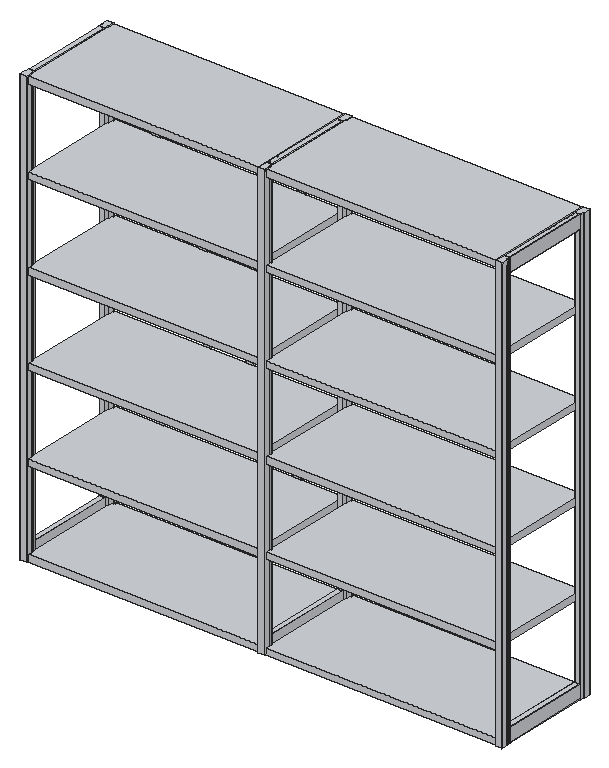
Revit family "Economy_Static_Shelving", category Furniture, Revit 2016
Family settings
  OmniClass Number = 23.40.20.00
  OmniClass Title = General Furniture and Specialties
  Work Plane-Based = No
  Always vertical = Yes
  Cut with Voids When Loaded = No
  Shared = No
  Room Calculation Point = No
Parameters (values of type "1018ESSTK46 + 1018ESEXK46")
  Width = 1032 mm
  Shelving spacing = 332.8 mm
  Model = "Economy Shelving"
  Manufacturer = "BISLEY"
  Height = 1832 mm
  Extension width = 1000 mm
  Extension = yes
  Depth = 460 mm
Types (33, lengths in mm): name | Width | Shelving spacing | Height | Extension width | Extension | Depth
  (no name) | 1032 | 332.8 | 1832 | 1000 | yes | 460
  0818ESSTK30 | 832 | 332.8 | 1832 | 800 | no | 300
  0818ESSTK30 + 0818ESEXK30 | 832 | 332.8 | 1832 | 800 | yes | 300
  0822ESSTK30 | 832 | 404.8 | 2192 | 800 | no | 300
  0822ESSTK30 + 0822ESEXK30 | 832 | 404.8 | 2192 | 800 | yes | 300
  0818ESSTK36 | 832 | 332.8 | 1832 | 800 | no | 360
  0818ESSTK36 + 0818ESEXK36 | 832 | 332.8 | 1832 | 800 | yes | 360
  0822ESSTK36 | 832 | 404.8 | 2192 | 800 | no | 360
  0822ESSTK36 + 0822ESEXK36 | 832 | 404.8 | 2192 | 800 | yes | 360
  0818ESSTK40 | 832 | 332.8 | 1832 | 800 | no | 400
  0818ESSTK40 + 0818ESEXK40 | 832 | 332.8 | 1832 | 800 | yes | 400
  0822ESSTK40 | 832 | 404.8 | 2192 | 800 | no | 400
  0822ESSTK40 + 0822ESEXK40 | 832 | 404.8 | 2192 | 800 | yes | 400
  0818ESSTK46 | 832 | 332.8 | 1832 | 800 | no | 460
  0818ESSTK46 + 0818ESEXK46 | 832 | 332.8 | 1832 | 800 | yes | 460
  0822ESSTK46 | 832 | 404.8 | 2192 | 800 | no | 460
  0822ESSTK46 + 0822ESEXK46 | 832 | 404.8 | 2192 | 800 | yes | 460
  1018ESSTK30 | 1032 | 332.8 | 1832 | 1000 | no | 300
  1018ESSTK30 + 1018ESEXK30 | 1032 | 332.8 | 1832 | 1000 | yes | 300
  1022ESSTK30 | 1032 | 404.8 | 2192 | 1000 | no | 300
  1022ESSTK30 + 1022ESEXK30 | 1032 | 404.8 | 2192 | 1000 | yes | 300
  1018ESSTK36 | 1032 | 332.8 | 1832 | 1000 | no | 360
  1018ESSTK36 + 1018ESEXK36 | 1032 | 332.8 | 1832 | 1000 | yes | 360
  1022ESSTK36 | 1032 | 404.8 | 2192 | 1000 | no | 360
  1022ESSTK36 + 1022ESEXK36 | 1032 | 404.8 | 2192 | 1000 | yes | 360
  1018ESSTK40 | 1032 | 332.8 | 1832 | 1000 | no | 400
  1018ESSTK40 + 1018ESEXK40 | 1032 | 332.8 | 1832 | 1000 | yes | 400
  1022ESSTK40 | 1032 | 404.8 | 2192 | 1000 | no | 400
  1022ESSTK40 + 1022ESEXK40 | 1032 | 404.8 | 2192 | 1000 | yes | 400
  1018ESSTK46 | 1032 | 332.8 | 1832 | 1000 | no | 460
  1018ESSTK46 + 1018ESEXK46 | 1032 | 332.8 | 1832 | 1000 | yes | 460
  1022ESSTK46 | 1032 | 404.8 | 2192 | 1000 | no | 460
  1022ESSTK46 + 1022ESEXK46 | 1032 | 404.8 | 2192 | 1000 | yes | 460
Reference planes
  plane 1 "Center (Front/Back)": y = 0
  plane 2: z = 0
  plane 3 "Center (Left/Right)": x = 0
  plane 4: x = -516
  plane 5: x = -486
  plane 6: x = 486
  plane 7: x = 516
  plane 8: y = 185
  plane 9: y = 230
  plane 10: y = -230
  plane 11: y = -185
  plane 12: x = 1486
  plane 13: x = 1516
  plane 14: z = 1832
  plane 15: y = -225
  plane 16: y = 225
  plane 17: z = 5
  plane 18: z = 65
  plane 19: z = 1827
  plane 20: z = 1767
Forms (mm)
  Extrusion 1, solid
    sketch origin (0, 0, 0) x (1, 0, 0) y (0, 1, 0)
      loop
        line (-510.2, 185) -> (-491.8, 185)
        arc (-491.8, 185) -> (-490.527, 185.527) -> (-490, 186.8) r 1.8
        line (-490, 186.8) -> (-490, 198.8)
        arc (-490, 198.8) -> (-489.649, 199.649) -> (-488.8, 200) r 1.2
        line (-488.8, 200) -> (-487.8, 200)
        arc (-487.8, 200) -> (-486.527, 200.527) -> (-486, 201.8) r 1.8
        line (-486, 201.8) -> (-486, 228.2)
        arc (-486, 228.2) -> (-486.527, 229.473) -> (-487.8, 230) r 1.8
        line (-487.8, 230) -> (-514.2, 230)
        arc (-514.2, 230) -> (-515.473, 229.473) -> (-516, 228.2) r 1.8
        line (-516, 228.2) -> (-516, 201.8)
        arc (-516, 201.8) -> (-515.473, 200.527) -> (-514.2, 200) r 1.8
        line (-514.2, 200) -> (-513.2, 200)
        arc (-513.2, 200) -> (-512.351, 199.649) -> (-512, 198.8) r 1.2
        line (-512, 198.8) -> (-512, 186.8)
        arc (-512, 186.8) -> (-511.473, 185.527) -> (-510.2, 185) r 1.8
    from 0 to 1832
  Extrusion 2, solid
    sketch origin (0, 0, 0) x (1, 0, 0) y (0, 1, 0)
      loop
        line (491.8, 185) -> (510.2, 185)
        arc (510.2, 185) -> (511.473, 185.527) -> (512, 186.8) r 1.8
        line (512, 186.8) -> (512, 198.8)
        arc (512, 198.8) -> (512.351, 199.649) -> (513.2, 200) r 1.2
        line (513.2, 200) -> (514.2, 200)
        arc (514.2, 200) -> (515.473, 200.527) -> (516, 201.8) r 1.8
        line (516, 201.8) -> (516, 228.2)
        arc (516, 228.2) -> (515.473, 229.473) -> (514.2, 230) r 1.8
        line (514.2, 230) -> (487.8, 230)
        arc (487.8, 230) -> (486.527, 229.473) -> (486, 228.2) r 1.8
        line (486, 228.2) -> (486, 201.8)
        arc (486, 201.8) -> (486.527, 200.527) -> (487.8, 200) r 1.8
        line (487.8, 200) -> (488.8, 200)
        arc (488.8, 200) -> (489.649, 199.649) -> (490, 198.8) r 1.2
        line (490, 198.8) -> (490, 186.8)
        arc (490, 186.8) -> (490.527, 185.527) -> (491.8, 185) r 1.8
    from 0 to 1832
  Extrusion 3, solid
    sketch origin (0, 0, 0) x (1, 0, 0) y (0, 1, 0)
      loop
        line (-514.2, -230) -> (-487.8, -230)
        arc (-487.8, -230) -> (-486.527, -229.473) -> (-486, -228.2) r 1.8
        line (-486, -228.2) -> (-486, -201.8)
        arc (-486, -201.8) -> (-486.527, -200.527) -> (-487.8, -200) r 1.8
        line (-487.8, -200) -> (-488.8, -200)
        arc (-488.8, -200) -> (-489.649, -199.649) -> (-490, -198.8) r 1.2
        line (-490, -198.8) -> (-490, -186.8)
        arc (-490, -186.8) -> (-490.527, -185.527) -> (-491.8, -185) r 1.8
        line (-491.8, -185) -> (-510.2, -185)
        arc (-510.2, -185) -> (-511.059, -185.218) -> (-511.709, -185.819) r 1.8
        arc (-511.709, -185.819) -> (-511.926, -186.288) -> (-512, -186.8) r 1.8
        line (-512, -186.8) -> (-512, -198.8)
        arc (-512, -198.8) -> (-512.351, -199.649) -> (-513.2, -200) r 1.2
        line (-513.2, -200) -> (-514.2, -200)
        arc (-514.2, -200) -> (-515.473, -200.527) -> (-516, -201.8) r 1.8
        line (-516, -201.8) -> (-516, -228.2)
        arc (-516, -228.2) -> (-515.473, -229.473) -> (-514.2, -230) r 1.8
    from 0 to 1832
  Extrusion 4, solid
    sketch origin (0, 0, 0) x (1, 0, 0) y (0, 1, 0)
      loop
        arc (491.8, -185) -> (490.527, -185.527) -> (490, -186.8) r 1.8
        line (490, -186.8) -> (490, -198.8)
        arc (490, -198.8) -> (489.649, -199.649) -> (488.8, -200) r 1.2
        line (488.8, -200) -> (487.8, -200)
        arc (487.8, -200) -> (486.527, -200.527) -> (486, -201.8) r 1.8
        line (486, -201.8) -> (486, -228.2)
        arc (486, -228.2) -> (486.527, -229.473) -> (487.8, -230) r 1.8
        line (487.8, -230) -> (514.2, -230)
        arc (514.2, -230) -> (515.473, -229.473) -> (516, -228.2) r 1.8
        line (516, -228.2) -> (516, -201.8)
        arc (516, -201.8) -> (515.473, -200.527) -> (514.2, -200) r 1.8
        line (514.2, -200) -> (513.2, -200)
        arc (513.2, -200) -> (512.351, -199.649) -> (512, -198.8) r 1.2
        line (512, -198.8) -> (512, -186.8)
        arc (512, -186.8) -> (511.473, -185.527) -> (510.2, -185) r 1.8
        line (510.2, -185) -> (491.8, -185)
    from 0 to 1832
  Extrusion 5, solid, visible <- "Extension"
    sketch origin (0, 0, 0) x (1, 0, 0) y (0, 1, 0)
      loop
        arc (1491.8, -185) -> (1490.527, -185.527) -> (1490, -186.8) r 1.8
        line (1490, -186.8) -> (1490, -198.8)
        arc (1490, -198.8) -> (1489.649, -199.649) -> (1488.8, -200) r 1.2
        line (1488.8, -200) -> (1487.8, -200)
        arc (1487.8, -200) -> (1486.527, -200.527) -> (1486, -201.8) r 1.8
        line (1486, -201.8) -> (1486, -228.2)
        arc (1486, -228.2) -> (1486.527, -229.473) -> (1487.8, -230) r 1.8
        line (1487.8, -230) -> (1514.2, -230)
        arc (1514.2, -230) -> (1515.473, -229.473) -> (1516, -228.2) r 1.8
        line (1516, -228.2) -> (1516, -201.8)
        arc (1516, -201.8) -> (1515.473, -200.527) -> (1514.2, -200) r 1.8
        line (1514.2, -200) -> (1513.2, -200)
        arc (1513.2, -200) -> (1512.351, -199.649) -> (1512, -198.8) r 1.2
        line (1512, -198.8) -> (1512, -186.8)
        arc (1512, -186.8) -> (1511.473, -185.527) -> (1510.2, -185) r 1.8
        line (1510.2, -185) -> (1491.8, -185)
    from 0 to 1832
  Extrusion 6, solid, visible <- "Extension"
    sketch origin (0, 0, 0) x (1, 0, 0) y (0, 1, 0)
      loop
        arc (1487.8, 230) -> (1486.527, 229.473) -> (1486, 228.2) r 1.8
        line (1486, 228.2) -> (1486, 201.8)
        arc (1486, 201.8) -> (1486.527, 200.527) -> (1487.8, 200) r 1.8
        line (1487.8, 200) -> (1488.8, 200)
        arc (1488.8, 200) -> (1489.649, 199.649) -> (1490, 198.8) r 1.2
        line (1490, 198.8) -> (1490, 186.8)
        arc (1490, 186.8) -> (1490.527, 185.527) -> (1491.8, 185) r 1.8
        line (1491.8, 185) -> (1510.2, 185)
        arc (1510.2, 185) -> (1511.473, 185.527) -> (1512, 186.8) r 1.8
        line (1512, 186.8) -> (1512, 198.8)
        arc (1512, 198.8) -> (1512.351, 199.649) -> (1513.2, 200) r 1.2
        line (1513.2, 200) -> (1514.2, 200)
        arc (1514.2, 200) -> (1515.473, 200.527) -> (1516, 201.8) r 1.8
        line (1516, 201.8) -> (1516, 228.2)
        arc (1516, 228.2) -> (1515.473, 229.473) -> (1514.2, 230) r 1.8
        line (1514.2, 230) -> (1487.8, 230)
    from 0 to 1832
  Extrusion 7, solid
    sketch origin (0, 0, 0) x (1, 0, 0) y (0, 0, 1)
      loop
        line (-510.2, 0) -> (-491.8, 0)
        arc (-491.8, 0) -> (-490.527, 0.527) -> (-490, 1.8) r 1.8
        line (-490, 1.8) -> (-490, 58.2)
        arc (-490, 58.2) -> (-490.527, 59.473) -> (-491.8, 60) r 1.8
        line (-491.8, 60) -> (-510.2, 60)
        arc (-510.2, 60) -> (-511.473, 59.473) -> (-512, 58.2) r 1.8
        line (-512, 58.2) -> (-512, 1.8)
        arc (-512, 1.8) -> (-511.473, 0.527) -> (-510.2, 0) r 1.8
    from -185 to 185
  Extrusion 8, solid
    sketch origin (0, 0, 0) x (1, 0, 0) y (0, 0, 1)
      loop
        line (491.8, 0) -> (510.2, 0)
        arc (510.2, 0) -> (511.473, 0.527) -> (512, 1.8) r 1.8
        line (512, 1.8) -> (512, 58.2)
        arc (512, 58.2) -> (511.473, 59.473) -> (510.2, 60) r 1.8
        line (510.2, 60) -> (491.8, 60)
        arc (491.8, 60) -> (490.527, 59.473) -> (490, 58.2) r 1.8
        line (490, 58.2) -> (490, 1.8)
        arc (490, 1.8) -> (490.527, 0.527) -> (491.8, 0) r 1.8
    from -185 to 185
  Extrusion 9, solid, visible <- "Extension"
    sketch origin (0, 0, 0) x (1, 0, 0) y (0, 0, 1)
      loop
        line (1491.8, 0) -> (1510.2, 0)
        arc (1510.2, 0) -> (1511.473, 0.527) -> (1512, 1.8) r 1.8
        line (1512, 1.8) -> (1512, 58.2)
        arc (1512, 58.2) -> (1511.473, 59.473) -> (1510.2, 60) r 1.8
        line (1510.2, 60) -> (1491.8, 60)
        arc (1491.8, 60) -> (1490.527, 59.473) -> (1490, 58.2) r 1.8
        line (1490, 58.2) -> (1490, 1.8)
        arc (1490, 1.8) -> (1490.527, 0.527) -> (1491.8, 0) r 1.8
    from -185 to 185
  Extrusion 10, solid
    sketch origin (0, 0, 0) x (1, 0, 0) y (0, 0, 1)
      loop
        arc (-510.2, 1832) -> (-511.473, 1831.473) -> (-512, 1830.2) r 1.8
        line (-512, 1830.2) -> (-512, 1773.8)
        arc (-512, 1773.8) -> (-511.473, 1772.527) -> (-510.2, 1772) r 1.8
        line (-510.2, 1772) -> (-491.8, 1772)
        arc (-491.8, 1772) -> (-490.527, 1772.527) -> (-490, 1773.8) r 1.8
        line (-490, 1773.8) -> (-490, 1830.2)
        arc (-490, 1830.2) -> (-490.527, 1831.473) -> (-491.8, 1832) r 1.8
        line (-491.8, 1832) -> (-510.2, 1832)
    from -185 to 185
  Extrusion 11, solid
    sketch origin (0, 0, 0) x (1, 0, 0) y (0, 0, 1)
      loop
        arc (491.8, 1832) -> (490.527, 1831.473) -> (490, 1830.2) r 1.8
        line (490, 1830.2) -> (490, 1773.8)
        arc (490, 1773.8) -> (490.527, 1772.527) -> (491.8, 1772) r 1.8
        line (491.8, 1772) -> (510.2, 1772)
        arc (510.2, 1772) -> (511.473, 1772.527) -> (512, 1773.8) r 1.8
        line (512, 1773.8) -> (512, 1830.2)
        arc (512, 1830.2) -> (511.473, 1831.473) -> (510.2, 1832) r 1.8
        line (510.2, 1832) -> (491.8, 1832)
    from -185 to 185
  Extrusion 12, solid, visible <- "Extension"
    sketch origin (0, 0, 0) x (1, 0, 0) y (0, 0, 1)
      loop
        arc (1491.8, 1832) -> (1490.527, 1831.473) -> (1490, 1830.2) r 1.8
        line (1490, 1830.2) -> (1490, 1773.8)
        arc (1490, 1773.8) -> (1490.527, 1772.527) -> (1491.8, 1772) r 1.8
        line (1491.8, 1772) -> (1510.2, 1772)
        arc (1510.2, 1772) -> (1511.473, 1772.527) -> (1512, 1773.8) r 1.8
        line (1512, 1773.8) -> (1512, 1830.2)
        arc (1512, 1830.2) -> (1511.473, 1831.473) -> (1510.2, 1832) r 1.8
        line (1510.2, 1832) -> (1491.8, 1832)
    from -185 to 185
  Extrusion 13, solid
    sketch origin (0, 0, 0) x (1, 0, 0) y (0, 1, 0)
      loop
        line (-486, 225) -> (-486, -225) -> (486, -225) -> (486, 225) -> (-486, 225)
    from 0 to 28
  Extrusion 14, solid, visible <- "Extension"
    sketch origin (0, 0, 0) x (1, 0, 0) y (0, 1, 0)
      loop
        line (516, 225) -> (516, -225) -> (1486, -225) -> (1486, 225) -> (516, 225)
    from 0 to 28
  Extrusion 15, solid
    sketch origin (0, 147.665, 0) x (1, 0, 0) y (0, 0, 1)
      loop
        line (-486, 1767) -> (486, 5) -> (486, 65) -> (-486, 1827) -> (-486, 1767)
    from -79.422 to -77.335
  Extrusion 16, solid
    sketch origin (0, 149.665, 0) x (1, 0, 0) y (0, 0, 1)
      loop
        line (486, 1767) -> (486, 1827) -> (-486, 65) -> (-486, 5) -> (486, 1767)
    from -79.418 to -77.422
  Extrusion 17, solid
    sketch origin (0, 0, 480) x (1, 0, 0) y (0, 1, 0)
      loop
        line (-486, 225) -> (-486, -225) -> (486, -225) -> (486, 225) -> (-486, 225)
    from -119.2 to -91.2
  Extrusion 18, solid, visible <- "Extension"
    sketch origin (0, 0, 480) x (1, 0, 0) y (0, 1, 0)
      loop
        line (516, 225) -> (516, -225) -> (1486, -225) -> (1486, 225) -> (516, 225)
    from -119.2 to -91.2
  Extrusion 19, solid
    sketch origin (0, 0, 680) x (1, 0, 0) y (0, 1, 0)
      loop
        line (-486, 225) -> (-486, -225) -> (486, -225) -> (486, 225) -> (-486, 225)
    from 41.6 to 69.6
  Extrusion 20, solid, visible <- "Extension"
    sketch origin (0, 0, 680) x (1, 0, 0) y (0, 1, 0)
      loop
        line (516, 225) -> (516, -225) -> (1486, -225) -> (1486, 225) -> (516, 225)
    from 41.6 to 69.6
  Extrusion 21, solid
    sketch origin (0, 0, 940) x (1, 0, 0) y (0, 1, 0)
      loop
        line (-486, 225) -> (-486, -225) -> (486, -225) -> (486, 225) -> (-486, 225)
    from 142.4 to 170.4
  Extrusion 22, solid, visible <- "Extension"
    sketch origin (0, 0, 940) x (1, 0, 0) y (0, 1, 0)
      loop
        line (516, 225) -> (516, -225) -> (1486, -225) -> (1486, 225) -> (516, 225)
    from 142.4 to 170.4
  Extrusion 23, solid
    sketch origin (0, 0, 1120) x (1, 0, 0) y (0, 1, 0)
      loop
        line (-486, 225) -> (-486, -225) -> (486, -225) -> (486, 225) -> (-486, 225)
    from 323.2 to 351.2
  Extrusion 24, solid, visible <- "Extension"
    sketch origin (0, 0, 1120) x (1, 0, 0) y (0, 1, 0)
      loop
        line (516, 225) -> (516, -225) -> (1486, -225) -> (1486, 225) -> (516, 225)
    from 323.2 to 351.2
  Extrusion 25, solid
    sketch origin (0, 0, 1540) x (1, 0, 0) y (0, 1, 0)
      loop
        line (-486, 225) -> (-486, -225) -> (486, -225) -> (486, 225) -> (-486, 225)
    from 264 to 292
  Extrusion 26, solid, visible <- "Extension"
    sketch origin (0, 0, 1671.2) x (1, 0, 0) y (0, 1, 0)
      loop
        line (516, 225) -> (516, -225) -> (1486, -225) -> (1486, 225) -> (516, 225)
    from 132.8 to 160.8
Dimensions and locks
  equal spacing: plane 5, plane 3 "Center (Left/Right)", plane 6
  locked: plane 4 to plane 5 at 30
  locked: plane 6 to plane 7 at 30
  locked: plane 11 to plane 10 at 45
  equal spacing: plane 8, plane 1 "Center (Front/Back)", plane 11
  locked: plane 9 to plane 8 at 45
  "Width": plane 4 to plane 7
  "Depth": plane 9 to plane 10
  locked: plane 12 to plane 13 at 30
  "Extension width": plane 7 to plane 13
  "Height": plane 14 to level
  locked: plane 9 to plane 16 at 5
  locked: plane 15 to plane 10 at 5
  locked: plane 19 to plane 14 at 5
  locked: plane 17 to plane 18 at 60
  locked: plane 20 to plane 19 at 60
  locked: Extrusion 13 to Extrusion 13 at 28
  locked: Extrusion 14 to Extrusion 14 at 28
  locked: Extrusion 15 to Extrusion 15 at 2.087
  locked: Extrusion 16 to Extrusion 15 at 1.996
  locked: Extrusion 17 to Extrusion 17 at 28
  locked: Extrusion 18 to Extrusion 18 at 28
  locked: Extrusion 19 to Extrusion 19 at 28
  locked: Extrusion 20 to Extrusion 20 at 28
  locked: Extrusion 21 to Extrusion 21 at 28
  locked: Extrusion 22 to Extrusion 22 at 28
  locked: Extrusion 23 to Extrusion 23 at 28
  locked: Extrusion 24 to Extrusion 24 at 28
  locked: Extrusion 25 to Extrusion 25 at 28
  locked: Extrusion 26 to Extrusion 26 at 28
  "Shelving spacing": Extrusion 17 to Extrusion 13
  "Shelving spacing": Extrusion 18 to Extrusion 14
  "Shelving spacing": Extrusion 20 to Extrusion 18
  "Shelving spacing": Extrusion 22 to Extrusion 20
  "Shelving spacing": Extrusion 24 to Extrusion 22
  "Shelving spacing": Extrusion 26 to Extrusion 24
  "Shelving spacing": Extrusion 19 to Extrusion 17
  "Shelving spacing": Extrusion 21 to Extrusion 19
  "Shelving spacing": Extrusion 23 to Extrusion 21
  "Shelving spacing": Extrusion 25 to Extrusion 23
  aligned and locked: level to plane 2
  aligned and locked: Extrusion 1 sketch curve to plane 8
  aligned and locked: plane 4 to Extrusion 1 sketch curve
  aligned and locked: plane 9 to Extrusion 1 sketch curve
  aligned and locked: Extrusion 1 sketch curve to plane 5
  aligned and locked: Extrusion 2 sketch curve to plane 8
  aligned and locked: plane 6 to Extrusion 2 sketch curve
  aligned and locked: plane 9 to Extrusion 2 sketch curve
  aligned and locked: Extrusion 2 sketch curve to plane 7
  aligned and locked: Extrusion 3 sketch curve to plane 10
  aligned and locked: Extrusion 3 sketch curve to plane 4
  aligned and locked: plane 11 to Extrusion 3 sketch curve
  aligned and locked: plane 5 to Extrusion 3 sketch curve
  aligned and locked: Extrusion 4 sketch curve to plane 11
  aligned and locked: plane 6 to Extrusion 4 sketch curve
  aligned and locked: plane 10 to Extrusion 4 sketch curve
  aligned and locked: Extrusion 4 sketch curve to plane 7
  aligned and locked: plane 11 to Extrusion 5 sketch curve
  aligned and locked: plane 12 to Extrusion 5 sketch curve
  aligned and locked: Extrusion 5 sketch curve to plane 10
  aligned and locked: Extrusion 5 sketch curve to plane 13
  aligned and locked: plane 9 to Extrusion 6 sketch curve
  aligned and locked: plane 12 to Extrusion 6 sketch curve
  aligned and locked: Extrusion 6 sketch curve to plane 8
  aligned and locked: Extrusion 6 sketch curve to plane 13
  aligned and locked: plane 14 to Extrusion 3
  aligned and locked: Extrusion 1 to Extrusion 3
  aligned and locked: Extrusion 4 to Extrusion 1
  aligned and locked: Extrusion 2 to Extrusion 1
  aligned and locked: Extrusion 5 to Extrusion 2
  aligned and locked: Extrusion 6 to Extrusion 2
  aligned and locked: Extrusion 1 to Extrusion 7 sketch curve  (x2)
  aligned and locked: Extrusion 7 to plane 11
  aligned and locked: plane 8 to Extrusion 7
  aligned and locked: Extrusion 2 to Extrusion 8 sketch curve  (x2)
  aligned and locked: Extrusion 8 to plane 11
  aligned and locked: plane 8 to Extrusion 8
  aligned and locked: Extrusion 5 to Extrusion 9 sketch curve  (x2)
  aligned and locked: plane 11 to Extrusion 9
  aligned and locked: Extrusion 9 to plane 8
  aligned and locked: Extrusion 10 sketch curve to Extrusion 1  (x2)
  aligned and locked: Extrusion 11 sketch curve to Extrusion 2  (x2)
  aligned and locked: Extrusion 12 sketch curve to Extrusion 6
  aligned and locked: Extrusion 12 sketch curve to Extrusion 5
  aligned and locked: Extrusion 10 to plane 11
  aligned and locked: plane 8 to Extrusion 10
  aligned and locked: Extrusion 11 to plane 11
  aligned and locked: plane 8 to Extrusion 11
  aligned and locked: plane 11 to Extrusion 12
  aligned and locked: Extrusion 12 to plane 8
  aligned and locked: Extrusion 13 to level
  aligned and locked: Extrusion 13 sketch curve to plane 16
  aligned and locked: Extrusion 14 sketch curve to plane 16
  aligned and locked: Extrusion 13 to plane 2
  aligned and locked: Extrusion 14 to level
  aligned and locked: Extrusion 13 to plane 15
  aligned and locked: plane 16 to Extrusion 13
  aligned and locked: Extrusion 14 to plane 15
  aligned and locked: Extrusion 15 to plane 16
  aligned and locked: Extrusion 16 to Extrusion 15
Automatic sketch dimensions
  Extrusion 1 sketch curve to Extrusion 1 sketch curve = 1.8 mm  (x3)
  Extrusion 1 sketch curve to Extrusion 1 sketch curve = 1 mm
  Extrusion 1 sketch curve to Extrusion 1 sketch curve = 1.2 mm  (x2)
  plane 8 to Extrusion 1 sketch curve = 1.8 mm
  Extrusion 1 sketch curve to plane 5 = 5.8 mm
  Extrusion 1 sketch curve to plane 5 = 1.8 mm  (x2)
  Extrusion 1 sketch curve to Extrusion 1 sketch curve = 12 mm  (x2)
  plane 6 to Extrusion 2 sketch curve = 1.8 mm  (x2)
  Extrusion 2 sketch curve to Extrusion 2 sketch curve = 1 mm
  Extrusion 2 sketch curve to Extrusion 2 sketch curve = 1.2 mm  (x2)
  Extrusion 2 sketch curve to Extrusion 2 sketch curve = 1.8 mm
  plane 8 to Extrusion 2 sketch curve = 1.8 mm
  Extrusion 2 sketch curve to plane 7 = 5.8 mm
  Extrusion 2 sketch curve to plane 7 = 1.8 mm  (x2)
  Extrusion 2 sketch curve to Extrusion 2 sketch curve = 12 mm  (x2)
  Extrusion 3 sketch curve to Extrusion 3 sketch curve = 0 mm  (x2)
  plane 4 to Extrusion 3 sketch curve = 1.8 mm  (x2)
  Extrusion 3 sketch curve to Extrusion 3 sketch curve = 1 mm  (x2)
  Extrusion 3 sketch curve to plane 11 = 1.8 mm
  plane 4 to Extrusion 3 sketch curve = 4 mm
  Extrusion 3 sketch curve to plane 5 = 5.8 mm
  Extrusion 3 sketch curve to plane 5 = 4 mm
  Extrusion 3 sketch curve to Extrusion 3 sketch curve = 1.2 mm
  Extrusion 3 sketch curve to plane 5 = 1.8 mm
  Extrusion 3 sketch curve to Extrusion 3 sketch curve = 15 mm  (x2)
  Extrusion 3 sketch curve to plane 11 = 0.819 mm
  plane 6 to Extrusion 4 sketch curve = 1.8 mm  (x2)
  Extrusion 4 sketch curve to Extrusion 4 sketch curve = 1 mm
  Extrusion 4 sketch curve to Extrusion 4 sketch curve = 1.2 mm  (x2)
  Extrusion 4 sketch curve to plane 11 = 1.8 mm  (x2)
  Extrusion 4 sketch curve to plane 7 = 5.8 mm
  Extrusion 4 sketch curve to plane 7 = 1.8 mm  (x2)
  Extrusion 4 sketch curve to Extrusion 4 sketch curve = 15 mm  (x2)
  Extrusion 5 sketch curve to Extrusion 5 sketch curve = 1.8 mm  (x4)
  Extrusion 5 sketch curve to Extrusion 5 sketch curve = 1 mm
  Extrusion 5 sketch curve to Extrusion 5 sketch curve = 1.2 mm  (x2)
  Extrusion 5 sketch curve to plane 11 = 1.8 mm  (x2)
  Extrusion 5 sketch curve to plane 13 = 5.8 mm
  Extrusion 5 sketch curve to Extrusion 5 sketch curve = 15 mm  (x2)
  Extrusion 6 sketch curve to Extrusion 6 sketch curve = 1.8 mm  (x2)
  plane 12 to Extrusion 6 sketch curve = 1.8 mm
  Extrusion 6 sketch curve to Extrusion 6 sketch curve = 1 mm  (x2)
  Extrusion 6 sketch curve to Extrusion 6 sketch curve = 1.2 mm  (x2)
  Extrusion 6 sketch curve to plane 13 = 5.8 mm
  Extrusion 6 sketch curve to plane 13 = 4 mm
  Extrusion 6 sketch curve to plane 13 = 1.8 mm
  Extrusion 6 sketch curve to Extrusion 6 sketch curve = 12 mm  (x2)
  Extrusion 7 sketch curve to Extrusion 7 sketch curve = 1.8 mm  (x3)
  Extrusion 7 sketch curve to plane 5 = 5.8 mm  (x2)
  Extrusion 7 sketch curve to plane 18 = 6.8 mm
  Extrusion 8 sketch curve to Extrusion 8 sketch curve = 1.8 mm  (x3)
  Extrusion 8 sketch curve to plane 7 = 5.8 mm  (x2)
  Extrusion 8 sketch curve to plane 18 = 6.8 mm
  Extrusion 9 sketch curve to Extrusion 9 sketch curve = 1.8 mm  (x3)
  Extrusion 9 sketch curve to plane 13 = 5.8 mm  (x2)
  Extrusion 9 sketch curve to plane 18 = 6.8 mm
  Extrusion 10 sketch curve to Extrusion 10 sketch curve = 1.8 mm  (x3)
  Extrusion 10 sketch curve to plane 5 = 5.8 mm  (x2)
  plane 20 to Extrusion 10 sketch curve = 6.8 mm
  Extrusion 11 sketch curve to Extrusion 11 sketch curve = 1.8 mm
  Extrusion 11 sketch curve to plane 14 = 1.8 mm  (x2)
  Extrusion 11 sketch curve to plane 7 = 5.8 mm  (x2)
  plane 20 to Extrusion 11 sketch curve = 6.8 mm
  Extrusion 12 sketch curve to Extrusion 12 sketch curve = 1.8 mm
  Extrusion 12 sketch curve to plane 14 = 1.8 mm  (x2)
  Extrusion 12 sketch curve to plane 13 = 5.8 mm  (x2)
  plane 20 to Extrusion 12 sketch curve = 6.8 mm
  Extrusion 13 sketch curve to plane 5 = 0 mm
  Extrusion 13 sketch curve to plane 6 = 0 mm
  Extrusion 13 sketch curve to plane 15 = 0 mm
  Extrusion 14 sketch curve to plane 7 = 0 mm
  Extrusion 14 sketch curve to plane 12 = 0 mm
  Extrusion 14 sketch curve to plane 15 = 0 mm
  Extrusion 15 sketch curve to plane 5 = 0 mm
  Extrusion 15 sketch curve to plane 6 = 0 mm
  Extrusion 15 sketch curve to plane 17 = 0 mm
  Extrusion 15 sketch curve to plane 18 = 0 mm
  Extrusion 15 sketch curve to plane 20 = 0 mm
  Extrusion 15 sketch curve to plane 19 = 0 mm
  Extrusion 16 sketch curve to plane 5 = 0 mm
  Extrusion 16 sketch curve to plane 6 = 0 mm
  Extrusion 16 sketch curve to plane 17 = 0 mm
  Extrusion 16 sketch curve to plane 18 = 0 mm
  Extrusion 16 sketch curve to plane 20 = 0 mm
  Extrusion 16 sketch curve to plane 19 = 0 mm
  Extrusion 17 sketch curve to plane 5 = 0 mm
  Extrusion 17 sketch curve to plane 6 = 0 mm
  Extrusion 17 sketch curve to plane 15 = 0 mm
  Extrusion 17 sketch curve to plane 16 = 0 mm
  Extrusion 18 sketch curve to plane 7 = 0 mm
  Extrusion 18 sketch curve to plane 12 = 0 mm
  Extrusion 18 sketch curve to plane 15 = 0 mm
  Extrusion 18 sketch curve to plane 16 = 0 mm
  Extrusion 19 sketch curve to plane 5 = 0 mm
  Extrusion 19 sketch curve to plane 6 = 0 mm
  Extrusion 19 sketch curve to plane 15 = 0 mm
  Extrusion 19 sketch curve to plane 16 = 0 mm
  Extrusion 20 sketch curve to plane 7 = 0 mm
  Extrusion 20 sketch curve to plane 12 = 0 mm
  Extrusion 20 sketch curve to plane 15 = 0 mm
  Extrusion 20 sketch curve to plane 16 = 0 mm
  Extrusion 21 sketch curve to plane 5 = 0 mm
  Extrusion 21 sketch curve to plane 6 = 0 mm
  Extrusion 21 sketch curve to plane 15 = 0 mm
  Extrusion 21 sketch curve to plane 16 = 0 mm
  Extrusion 22 sketch curve to plane 7 = 0 mm
  Extrusion 22 sketch curve to plane 12 = 0 mm
  Extrusion 22 sketch curve to plane 15 = 0 mm
  Extrusion 22 sketch curve to plane 16 = 0 mm
  Extrusion 23 sketch curve to plane 5 = 0 mm
  Extrusion 23 sketch curve to plane 6 = 0 mm
  Extrusion 23 sketch curve to plane 15 = 0 mm
  Extrusion 23 sketch curve to plane 16 = 0 mm
  Extrusion 24 sketch curve to plane 7 = 0 mm
  Extrusion 24 sketch curve to plane 12 = 0 mm
  Extrusion 24 sketch curve to plane 15 = 0 mm
  Extrusion 24 sketch curve to plane 16 = 0 mm
  Extrusion 25 sketch curve to plane 5 = 0 mm
  Extrusion 25 sketch curve to plane 6 = 0 mm
  Extrusion 25 sketch curve to plane 15 = 0 mm
  Extrusion 25 sketch curve to plane 16 = 0 mm
  Extrusion 26 sketch curve to plane 7 = 0 mm
  Extrusion 26 sketch curve to plane 12 = 0 mm
  Extrusion 26 sketch curve to plane 15 = 0 mm
  Extrusion 26 sketch curve to plane 16 = 0 mm
